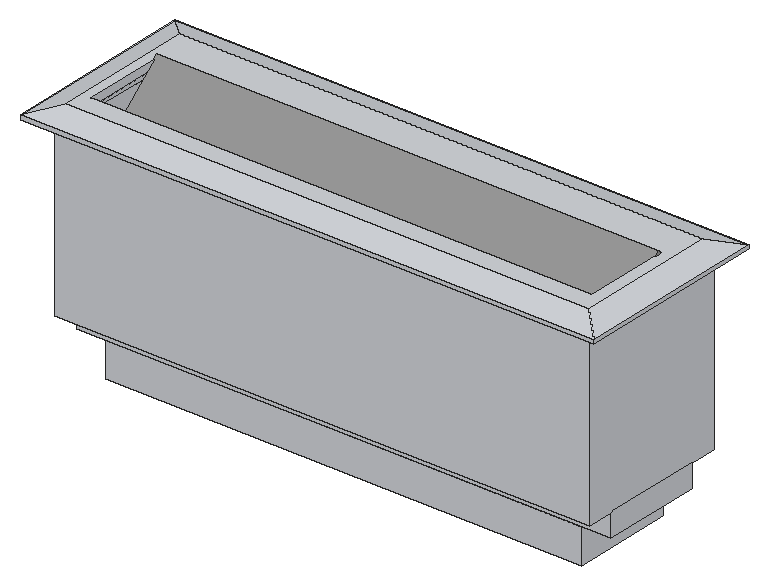
Revit family "2061263 Sylvania Lighting Fixture DOMINO 5xLED 940 OPAL AY TRIM WHITE", category Lighting Fixtures, host Face, Revit 2018
Family settings
  Host = Face
  Round Connector Dimension = Use Diameter
  Part Type = Normal
  OmniClass Number = 23.80.70.00
  OmniClass Title = Lighting
  Cut with Voids When Loaded = No
  Light Source = Yes
  Shared = No
  Room Calculation Point = No
Parameters (values of type "2061263 DOMINO 5XLED 940 OPAL ASYM TR WHT ")
  top top width = 15.812 mm
  top top length = 123 mm
  Width = 50 mm
  Weight = "n/a"
  Wattage Comments = ""
  Wattage = 9.2903 W
  WarrantyStartDate [instance] = "n/a"
  WarrantyGuarantorParts = "n/a"
  WarrantyDurationUnit = "n/a"
  WarrantyDurationParts = ""
  WarrantyDescription = "http://www.sylvania-lighting.com"
  built-in parameter 1150110 = 1 (stored number, unit not read)
  Voltage = 0 V
  URL = "0.6"
  TypeName = "DOMINO 5xLED 940 OPAL AY TRIM WHITE"
  Type Image = <None>
  Type Comments = "n/a"
  built-in parameter 1114217 = 1 (stored number, unit not read)
  Top Width = 26 mm
  Tilt Angle = 90.00°
  built-in parameter 1150109 = 1 (stored number, unit not read)
  built-in parameter 1150134 = 3
  built-in parameter 1150113 = 1 (stored number, unit not read)
  SerialNumber [instance] = "n/a"
  Recessed Width = 43 mm
  Recessed Length = 143 mm
  Photometric Web File = "2061263.ies"
  Material_3_FEILO = none
  PowerFactor = 0
  PowerConsumption = "Lighting"
  NominalLength = 50 mm
  NominalHeight = 0 mm
  NominalDepth = 0 mm
  Name = "DOMINO 5xLED 940 OPAL AY TRIM WHITE"
  ModelReference = Name  # "DOMINO 5xLED 940 OPAL AY TRIM WHITE"
  ModelNumber = "2061263"
  Model = Name  # "DOMINO 5xLED 940 OPAL AY TRIM WHITE"
  Material = "Feilo Sylvania"
  ManufacturerName = "60 lm/W"
  Manufacturer = ""
  LuminousEfficacy = ""
  built-in parameter 1150105 = 109.82 (stored number, unit not read)
  Lumens = 1380 lm
  LuminaireType = "0"
  built-in parameter 1150115 = 1 (stored number, unit not read)
  LightOutputRatio = "LED"
  built-in parameter 1150137 = (empty or 0)
  built-in parameter 1150139 = (empty or 0)
  Lens inside recess = 25 mm
  Lens Width = 32 mm
  Lens Outside recess = 31.978 mm
  Lens = Glass, White, High Luminance
  Length = 148 mm
  LampsType = Lamp  # "n/a"
  LampNominalLuminous = "4000 K"
  LampMacAdamStep = "90"
  LampColourTemperature = "LED"
  LampColourRenderingIndex = "16500"
  built-in parameter 1150112 = 1 (stored number, unit not read)
  built-in parameter 1150114 = 1 (stored number, unit not read)
  Lamp = "n/a"
  Keynote = "n/a"
  InstallationDate [instance] = "n/a"
  InputVoltage = "0"
  InputNominalFrequency = "4000"
  built-in parameter 1150132 = (empty or 0)
  built-in parameter 1150102 = (empty or 0)
  built-in parameter 1150107 = 3200 (stored number, unit not read)
  built-in parameter 1150138 = (empty or 0)
  IngressProtection = "IfcLightFixtureType"
  ImpactProtectionIndex = "IfcLightFixtureType"
  built-in parameter 1150106 = 1.0982 (stored number, unit not read)
  IfcExportType = "IfcLightFixtureType"
  IfcExportAs = "Class II"
  Facia internal width = 37 mm
  Facia internal length = 135 mm
  Facia Height = 2 mm
  ExpectedLife = 50000
  Emit from Circle Diameter = 609.6 mm
  Emit Shape Visible in Rendering = no
  ElectricShockClassification = "60"
  built-in parameter 1150104 = 13.8 (stored number, unit not read)
  DurationUnit = "hours"
  DocumentationLiterature = "http://www.sylvania-lighting.com/product/en-int/products/2061263"
  DimmingControlOptions = "n/a"
  Material_2_FEILO = none
  Dimming Lamp Color Temperature Shift = <None>
  Description = "Modular LED recessed linear spotlight, ideal for retail and hospitality applications. Die-cast aluminium body, passive cooling. Two levels of reflector installation, low glaring. 5x LED source, asymmetric beam angle , optics: PMMA lens and polycarbonate reflector combination, opaline diffuser. Light color temperature: 4000K neutral white, total system power: 13W , total fixture lumen output: 770lm, efficacy: 60 lm/W, Ra90 typical, LED chromacity: 3 step MacAdam ellipse (SDCM3), lifespan: 96,000 hours at 90% of the original output (L90B10), IR/UV free light source without heat radiation, operating voltage: 220-240V / 50-60Hz, electronic driver, ultra low flicker, non-dimmable , electrical protection: Class II. Degree of Protection: IP40/IP20, suitable for indoor environment only. Ceiling cut-out: 43x43mm, outer dimensions:  150x50mm trim frame RAL 9016 - Traffic white / Bezel color.5 years Warranty."
  Default Elevation = 1219.2 mm
  CreatedOn = "23/02/2021"
  CreatedBy = "@sylvania-lighting.com"
  Cost = 0
  Color Filter = 16777215
  built-in parameter 1114216 [instance] = (empty or 0)
  ClassificationValue = "EF_70_80"
  ClassificationName = "Uniclass2015"
  Material_1_FEILO = none
  Body Width = 40 mm
  Body Length = 138 mm
  BarCode [instance] = "n/a"
  built-in parameter 1114218 = 1 (stored number, unit not read)
  built-in parameter 1150133 = 10 (stored number, unit not read)
  AssetType = "Fixed"
  AssetIdentifier [instance] = "n/a"
  Assembly Code = "D5020200"
  Apparent Load = 13 VA
  Material_4_FEILO = none
Reference planes
  plane 1 "Center (Front/Back)": y = 0
  plane 2: z = 0
  plane 3 "Center (Left/Right)": x = 0
  plane 4: z = 0
  plane 5: z = -7
  plane 6: z = -45.895
  plane 7: z = -51.895
  plane 8: z = -60.895
  plane 9: x = -71.5
  plane 10: x = 71.5
  plane 11: y = 21.5
  plane 12: y = -21.5
  plane 13: x = -74
  plane 14: x = 74
  plane 15: y = 25
  plane 16: y = -25
  plane 17: x = 67.5
  plane 18: x = -67.5
  plane 19: y = 18.5
  plane 20: y = -18.5
  plane 21: z = 2
  plane 22: x = -69
  plane 23: x = 69
  plane 24: y = 20
  plane 25: y = -20
  plane 26: y = 13
  plane 27: y = -13
  plane 28: x = 61.5
  plane 29: x = -61.5
  plane 30: x = -65.5
  plane 31: y = 16.5
  plane 32: y = -16.472
  plane 33: x = -40.5
  plane 34: x = -41
  plane 35: x = -65
  plane 36: y = 13
  plane 37: y = -12.972
  plane 38: x = -39.5
  plane 39: x = -14.48
  plane 40: x = -13.48
  plane 41: x = 11.52
  plane 42: x = 12.52
  plane 43: x = 37.52
  plane 44: x = 38.52
  plane 45: x = 64.5
  plane 46: y = 8.5
  plane 47: y = -13.5
  plane 48: y = -4.5
Forms (mm)
  Extrusion 1, solid, not visible, detail levels medium+fine
    sketch origin (4.2, 0, 0) x (1, 0, 0) y (0, 1, 0)
      loop
        line (-29.2, 34.5) -> (-29.2, -34.5) -> (20.8, -34.5) -> (20.8, 34.5) -> (-29.2, 34.5)
    from 0 to 1
  Extrusion 2, solid, not visible, detail levels medium+fine
    sketch origin (4.044, 0, 0) x (1, 0, 0) y (0, 1, 0)
      loop
        line (-29.2, 34.5) -> (-29.2, -34.5) -> (20.8, -34.5) -> (20.8, 34.5) -> (-29.2, 34.5)
    from 0 to 1
  Blend 3, solid, not visible, detail levels medium+fine
    base sketch origin (4.2, 0, 0) x (1, 0, 0) y (0, 1, 0)
      loop
        line (-29.2, 34.5) -> (-29.2, -34.5) -> (20.8, -34.5) -> (20.8, 34.5) -> (-29.2, 34.5)
    top sketch origin (4.2, 0, 0) x (1, 0, 0) y (0, 1, 0)
      loop
        line (-21.7, 28) -> (-21.7, -28) -> (13.3, -28) -> (13.3, 28) -> (-21.7, 28)
    from 1 to 3
  Extrusion 4, solid, not visible, detail levels medium+fine
    sketch origin (3.419, 0, 0) x (1, 0, 0) y (0, 1, 0)
      loop
        line (-29.2, 34.5) -> (-29.2, -34.5) -> (20.8, -34.5) -> (20.8, 34.5) -> (-29.2, 34.5)
    from 0 to 1
  Blend 5, solid, not visible, detail levels medium+fine
    base sketch origin (3.575, 0, 0) x (1, 0, 0) y (0, 1, 0)
      loop
        line (-29.2, 34.5) -> (-29.2, -34.5) -> (20.8, -34.5) -> (20.8, 34.5) -> (-29.2, 34.5)
    top sketch origin (3.575, 0, 0) x (1, 0, 0) y (0, 1, 0)
      loop
        line (-21.7, 28) -> (-21.7, -28) -> (13.3, -28) -> (13.3, 28) -> (-21.7, 28)
    from 1 to 3
  Extrusion 6, solid, not visible, detail levels medium+fine
    sketch origin (4.247, 0, 0) x (1, 0, 0) y (0, 1, 0)
      loop
        line (-29.2, 34.5) -> (-29.2, -34.5) -> (20.8, -34.5) -> (20.8, 34.5) -> (-29.2, 34.5)
    from 0 to 1
  Blend 7, solid, not visible, detail levels medium+fine
    base sketch origin (4.403, 0, 0) x (1, 0, 0) y (0, 1, 0)
      loop
        line (-29.2, 34.5) -> (-29.2, -34.5) -> (20.8, -34.5) -> (20.8, 34.5) -> (-29.2, 34.5)
    top sketch origin (4.403, 0, 0) x (1, 0, 0) y (0, 1, 0)
      loop
        line (-21.7, 28) -> (-21.7, -28) -> (13.3, -28) -> (13.3, 28) -> (-21.7, 28)
    from 1 to 3
  Extrusion 8, void, detail levels medium+fine
    sketch origin (4.2, 0, 0) x (0, 1, 0) y (1, 0, 0)
      loop
        line (21.5, -75.7) -> (21.5, 67.3) -> (-21.5, 67.3) -> (-21.5, -75.7) -> (21.5, -75.7)
    from -9.934 to 83.097
  Extrusion 9, solid, detail levels medium+fine
    sketch origin (4.2, 0, 0) x (1, 0, 0) y (0, 1, 0)
      loop
        line (-78.2, 25) -> (-78.2, -25) -> (69.8, -25) -> (69.8, 25) -> (-78.2, 25)
    from 0 to 1
  Extrusion 10, solid, detail levels medium+fine
    sketch origin (4.2, 0, 0) x (1, 0, 0) y (0, 1, 0)
      loop
        line (-73.2, 20) -> (-73.2, -20) -> (64.8, -20) -> (64.8, 20) -> (-73.2, 20)
    from 0 to -45.895
  Extrusion 11, solid, detail levels medium+fine
    sketch origin (4.2, 0, 0) x (1, 0, 0) y (0, 1, 0)
      loop
        line (-73.2, 13) -> (-73.2, -13) -> (64.8, -13) -> (64.8, 13) -> (-73.2, 13)
    from -51.895 to -45.895
  Blend 12, solid, detail levels medium+fine
    base sketch origin (4.2, 0, 0) x (1, 0, 0) y (0, 1, 0)
      loop
        line (-78.2, 25) -> (-78.2, -25) -> (69.8, -25) -> (69.8, 25) -> (-78.2, 25)
    top sketch origin (4.2, 0, 0) x (1, 0, 0) y (0, 1, 0)
      loop
        line (-71.7, 18.5) -> (-71.7, -18.5) -> (63.3, -18.5) -> (63.3, 18.5) -> (-71.7, 18.5)
    from 1 to 3
  Extrusion 13, solid, detail levels fine
    sketch origin (0, 0, 0) x (1, 0, 0) y (0, 0, 1)
      loop
        line (-61.5, -51.895) -> (-61.5, -60.895) -> (61.5, -60.895) -> (61.5, -51.895) -> (-61.5, -51.895)
    from -13 to 13
  Blend 14, void
    base sketch origin (109.202, 0, 0) x (0, 1, 0) y (-1, 0, 0)
      loop
        line (8.5, 174.202) -> (-13.5, 174.202) -> (-13.5, 44.7) -> (8.5, 44.7) -> (8.5, 174.202)
    top sketch origin (109.202, 0, 0) x (0, 1, 0) y (-1, 0, 0)
      loop
        line (-3.687, 174.202) -> (-4.5, 174.202) -> (-4.5, 44.7) -> (-3.687, 44.7) -> (-3.687, 174.202)
    from 3 to -7
  Extrusion 15, solid, detail levels coarse
    sketch origin (4.2, 0, 0) x (1, 0, 0) y (0, 1, 0)
      loop
        line (-78.2, 25) -> (-78.2, -25) -> (69.8, -25) -> (69.8, 25) -> (-78.2, 25)
    from 3 to -60.895
  Extrusion 16, solid, material "Glass, White, High Luminance", detail levels fine
    sketch origin (319, 1524, 1219.2) x (0, 1, 0) y (0, 0, 1)
      loop
        line (-1527.686, -1226.198) -> (-1515.5, -1216.2) -> (-1516.144, -1215.415) -> (-1528.33, -1225.413) -> (-1527.686, -1226.198)
    from -384 to -254.498
Cuts and joins
  Blend 14 cuts Extrusion 9
  Blend 14 cuts Extrusion 10
  Blend 14 cuts Blend 12
Dimensions and locks
  "Recessed Length": plane 9 to plane 10
  equal spacing: plane 9, plane 3 "Center (Left/Right)", plane 10
  "Length": plane 13 to plane 14
  equal spacing: plane 13, plane 3 "Center (Left/Right)", plane 14
  "Recessed Width": plane 11 to plane 12
  equal spacing: plane 11, plane 1 "Center (Front/Back)", plane 12
  "Width": plane 15 to plane 16
  equal spacing: plane 15, plane 1 "Center (Front/Back)", plane 16
  "Facia internal length": plane 18 to plane 17
  equal spacing: plane 18, plane 3 "Center (Left/Right)", plane 17
  "Facia internal width": plane 19 to plane 20
  equal spacing: plane 19, plane 1 "Center (Front/Back)", plane 20
  "Facia Height": plane 21 to host face
  "Body Length": plane 22 to plane 23
  equal spacing: plane 22, plane 3 "Center (Left/Right)", plane 23
  "Body Width": plane 24 to plane 25
  equal spacing: plane 24, plane 1 "Center (Front/Back)", plane 25
  "Top Width": plane 26 to plane 27
  equal spacing: plane 26, plane 1 "Center (Front/Back)", plane 27
  "top top length": plane 29 to plane 28
  equal spacing: plane 29, plane 3 "Center (Left/Right)", plane 28  (x2)
  plane 28 to plane 29 = 123 mm
  equal spacing: plane 28, plane 3 "Center (Left/Right)", plane 29
  aligned and locked: plane 2 to host face
  aligned and locked: level to host face
  aligned and locked: Extrusion 11 to plane 7
  aligned and locked: Extrusion 10 to plane 6
Automatic sketch dimensions
  Extrusion 1 sketch curve to Extrusion 1 sketch curve = 50 mm
  Extrusion 1 sketch curve to Extrusion 1 sketch curve = 69 mm
  Extrusion 2 sketch curve to Extrusion 2 sketch curve = 50 mm
  Extrusion 2 sketch curve to Extrusion 2 sketch curve = 69 mm
  Blend 3 sketch curve to Blend 3 sketch curve = 50 mm
  Blend 3 sketch curve to Blend 3 sketch curve = 69 mm
  Blend 3 sketch curve to Blend 3 sketch curve = 35 mm
  Blend 3 sketch curve to Blend 3 sketch curve = 56 mm
  Extrusion 4 sketch curve to Extrusion 4 sketch curve = 50 mm
  Extrusion 4 sketch curve to Extrusion 4 sketch curve = 69 mm
  Blend 5 sketch curve to Blend 5 sketch curve = 50 mm
  Blend 5 sketch curve to Blend 5 sketch curve = 69 mm
  Blend 5 sketch curve to Blend 5 sketch curve = 35 mm
  Blend 5 sketch curve to Blend 5 sketch curve = 56 mm
  Extrusion 6 sketch curve to Extrusion 6 sketch curve = 50 mm
  Extrusion 6 sketch curve to Extrusion 6 sketch curve = 69 mm
  Blend 7 sketch curve to Blend 7 sketch curve = 50 mm
  Blend 7 sketch curve to Blend 7 sketch curve = 69 mm
  Blend 7 sketch curve to Blend 7 sketch curve = 35 mm
  Blend 7 sketch curve to Blend 7 sketch curve = 56 mm
  host sketch curve to host sketch curve = 2438.4 mm  (x2)
  Extrusion 8 sketch curve to plane 9 = 0 mm
  Extrusion 8 sketch curve to plane 12 = 0 mm
  Extrusion 8 sketch curve to plane 11 = 0 mm
  Extrusion 8 sketch curve to plane 10 = 0 mm
  Extrusion 9 sketch curve to plane 13 = 0 mm
  Extrusion 9 sketch curve to plane 14 = 0 mm
  Extrusion 9 sketch curve to plane 16 = 0 mm
  Extrusion 9 sketch curve to plane 15 = 0 mm
  Extrusion 10 sketch curve to plane 22 = 0 mm
  Extrusion 10 sketch curve to plane 23 = 0 mm
  Extrusion 10 sketch curve to plane 25 = 0 mm
  Extrusion 10 sketch curve to plane 24 = 0 mm
  Extrusion 11 sketch curve to plane 22 = 0 mm
  Extrusion 11 sketch curve to plane 23 = 0 mm
  Extrusion 11 sketch curve to plane 27 = 0 mm
  Extrusion 11 sketch curve to plane 26 = 0 mm
  Blend 12 sketch curve to plane 13 = 0 mm
  Blend 12 sketch curve to plane 14 = 0 mm
  Blend 12 sketch curve to plane 16 = 0 mm
  Blend 12 sketch curve to plane 15 = 0 mm
  Blend 12 sketch curve to plane 18 = 0 mm
  Blend 12 sketch curve to plane 17 = 0 mm
  Blend 12 sketch curve to plane 20 = 0 mm
  Blend 12 sketch curve to plane 19 = 0 mm
  Extrusion 13 sketch curve to plane 8 = 0 mm
  Extrusion 13 sketch curve to plane 29 = 0 mm
  Extrusion 13 sketch curve to plane 28 = 0 mm
  Extrusion 13 sketch curve to plane 7 = 0 mm
  Extrusion 15 sketch curve to plane 13 = 0 mm
  Extrusion 15 sketch curve to plane 14 = 0 mm
  Extrusion 15 sketch curve to plane 16 = 0 mm
  Extrusion 15 sketch curve to plane 15 = 0 mm
  Blend 14 sketch curve to plane 35 = 0 mm  (x2)
  Blend 14 sketch curve to plane 47 = 0 mm
  Blend 14 sketch curve to plane 46 = 0 mm
  plane 45 to Blend 14 sketch curve = 0.002 mm  (x2)
  Blend 14 sketch curve to plane 48 = 0 mm
  plane 48 to Blend 14 sketch curve = 0.813 mm
  plane 5 to Extrusion 16 sketch curve = 0.002 mm
  Extrusion 16 sketch curve to plane 46 = 0 mm
  Extrusion 16 sketch curve to plane 46 = 0.644 mm
  Extrusion 16 sketch curve to Extrusion 16 sketch curve = 0.785 mm
  plane 48 to Extrusion 16 sketch curve = 0.17 mm
Connectors
  electrical at (0, 0, -60.895)
    settings: on Extrusion 13, index 1, voltage 0 V, apparent load 0 VA, apparent load phase1 0 VA, apparent load phase2 0 VA, apparent load phase3 0 VA, power factor 1, load classification "Other", number of poles 1, system type 31, power factor state 1, is connector primary yes, connector utility no, sub classification motor no, connector description ""
